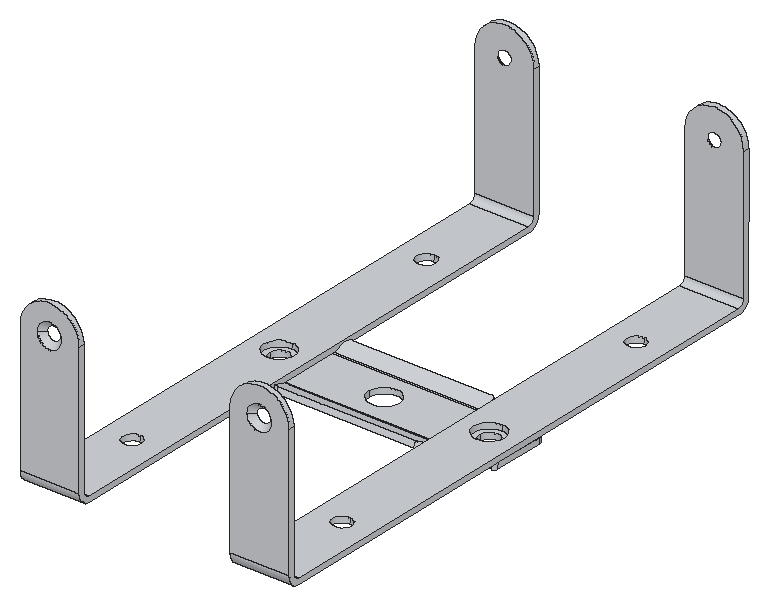
Revit family "1 SOUND_C-Clamps & Bridge Kit_WSUB45", category Communication Devices, host Face, Revit 2020
Family settings
  Host = Face
  Maintain Annotation Orientation = No
  Round Connector Dimension = Use Diameter
  Part Type = Normal
  Cut with Voids When Loaded = No
  Shared = No
  Room Calculation Point = No
Parameters (values of type "WSUB45 C-Clamps & Bridge Kit")
  Weight = ".13 kg"
  URL = "https://www.1-sound.com/wsub45-clamps-bridge-kit"
  Model = "WSUB45 C-Clamps & Bridge Kit"
  Material = "Zinc Plated"
  Manufacturer = "1 SOUND"  # constant formula
  Finish = "Powder Coated or Brushed Stainless Steel"
  Dimensions (HxWxD) = "144.75mm x 52.66mm x 6.24mm"
  Default Elevation = 2438.40 mm  # constant formula
  Construction = "Galvanized Steel or Stainless Steel 316"  # constant formula
  Category = "Accessory"  # constant formula
  Accessory Finish [instance] = none
Reference planes
  plane 1 "Center (Front/Back)": y = 0
  plane 2: z = 0
  plane 3 "Center (Left/Right)": x = 0
  plane 4: z = 93.38
  plane 5: z = 70.38
  plane 6: x = -72.38
  plane 7: x = -56.5
  plane 8: x = 24.12
  plane 9: x = 72.38
  plane 10: x = -40
  plane 11: x = 40
  plane 12: y = 15.875
  plane 13: y = -15.875
  plane 14: y = 26.369
  plane 15: y = -26.369
Forms (mm)
  Extrusion 1, void
    sketch origin (0, 0, 0) x (1, 0, 0) y (0, 1, 0)
      loop
        circle (-56.495, 0) r 5.16
      loop
        circle (56.495, 0) r 5.16
      loop
        circle (0, 0) r 8.335
    from 0 to 3
  Extrusion 2, solid, material <- "Accessory Finish"
    sketch origin (0, 0, 0) x (0, 1, 0) y (0, 0, 1)
      loop
        line (-15.875, 0) -> (-15.875, 3)
        arc (-15.875, 3) -> (-16.396, 3.046) -> (-16.901, 3.181) r 3
        line (-16.901, 3.181) -> (-17.927, 0.362)
        arc (-17.927, 0.362) -> (-16.917, 0.091) -> (-15.875, 0) r 6
      loop
        arc (15.875, 0) -> (16.917, 0.091) -> (17.927, 0.362) r 6
        line (17.927, 0.362) -> (16.901, 3.181)
        arc (16.901, 3.181) -> (16.396, 3.046) -> (15.875, 3) r 3
        line (15.875, 3) -> (15.875, 0)
    from -40 to 40
  Extrusion 3, solid, material <- "Accessory Finish"
    sketch origin (0, 0, 0) x (1, 0, 0) y (0, 1, 0)
      loop
        arc (72.38, 13.875) -> (71.794, 15.289) -> (70.38, 15.875) r 2
        line (70.38, 15.875) -> (-70.38, 15.875)
        arc (-70.38, 15.875) -> (-71.794, 15.289) -> (-72.38, 13.875) r 2
        line (-72.38, 13.875) -> (-72.38, -13.875)
        arc (-72.38, -13.875) -> (-71.794, -15.289) -> (-70.38, -15.875) r 2
        line (-70.38, -15.875) -> (70.38, -15.875)
        arc (70.38, -15.875) -> (71.794, -15.289) -> (72.38, -13.875) r 2
        line (72.38, -13.875) -> (72.38, 13.875)
    from 0 to 3
  Extrusion 4, solid, material <- "Accessory Finish"
    sketch origin (0, -2.045, -5.419) x (1, 0, 0) y (0, 0.939693, -0.34202)
      loop
        line (-40, -16.901) -> (-40, -22.885)
        arc (-40, -22.885) -> (-39.121, -25.006) -> (-37, -25.885) r 3
        line (-37, -25.885) -> (37, -25.885)
        arc (37, -25.885) -> (39.121, -25.006) -> (40, -22.885) r 3
        line (40, -22.885) -> (40, -16.901) -> (-40, -16.901)
    from 0 to 3
  Extrusion 5, solid, material <- "Accessory Finish"
    sketch origin (0, 2.045, -5.419) x (1, 0, 0) y (0, 0.939693, 0.34202)
      loop
        line (-40, 16.901) -> (40, 16.901) -> (40, 22.885)
        arc (40, 22.885) -> (39.121, 25.006) -> (37, 25.885) r 3
        line (37, 25.885) -> (-37, 25.885)
        arc (-37, 25.885) -> (-39.121, 25.006) -> (-40, 22.885) r 3
        line (-40, 22.885) -> (-40, 16.901)
    from 0 to 3
Cuts and joins
  Extrusion 1 cuts Extrusion 3
  joined: Extrusion 2, Extrusion 3, Extrusion 4, Extrusion 5
Lines and regions (mm)
  symbolic lines
    curve 1: line (-169.5, 0, 0) -> (-169.5, 0, 6.24)
Dimensions and locks
  plane 6 to plane 9 = 144.76 mm
  plane 10 to plane 8 = 64.12 mm
  plane 12 to plane 13 = 31.75 mm
  plane 14 to plane 12 = 10.494 mm
  aligned and locked: plane 2 to host face
  aligned and locked: level to host face
Nested families
  nested 1: "1 SOUND_WSUB45 C-Clamp" at (56.495, 0, 3) x (0, 1, 0) z (0, 0, 1), Accessory Finish <- "Accessory Finish", type "C-Clamp"
    with Accessory Finish none
  nested 2: "1 SOUND_WSUB45 C-Clamp" at (-56.495, 0, 3) x (0, 1, 0) z (0, 0, 1), Accessory Finish <- "Accessory Finish", type "C-Clamp"
    with Accessory Finish none
Definition of nested family "1 SOUND_WSUB45 C-Clamp"
  Parameters (values of type "WSUB45 C-Clamp")
    Width - Overall = 309.00 mm
    Width - Mounting Holes = 99.00 mm
    Weight = ".32 kg"
    URL = "https://www.1-sound.com/wsub45-clamps-bridge-kit"
    Model = "C-Clamp; WSUB45"
    Material = "Zinc Plated"
    Manufacturer = "1 SOUND"  # constant formula
    Finish = "Powder Coated or Brushed Stainless Steel"
    Dimensions (HxWxD) = "25.40mm x 160.00mm x 145.00mm"
    Depth - Overall = 93.38 mm
    Default Elevation = 2438.40 mm  # constant formula
    Construction = "Galvanized Steel or Stainless Steel 316"  # constant formula
    Accessory Finish [instance] = none
  Reference planes
    plane 1 "Center (Front/Back)": y = 0
    plane 2: z = 0
    plane 3 "Center (Left/Right)": x = 0
    plane 4: x = -154.5
    plane 5: x = 154.5
    plane 6: z = 93.38
    plane 7: z = 70.38
    plane 8: x = -99
    plane 9: x = 99
  Forms (mm)
    Extrusion 1, solid
      sketch origin (0, 0, 0) x (1, 0, 0) y (0, 1, 0)
        loop
          line (-1219.2, 1219.2) -> (-1219.2, -1219.2) -> (1219.2, -1219.2) -> (1219.2, 1219.2) -> (-1219.2, 1219.2)
      from 0 to -304.8
    Extrusion 2, solid, material <- "Accessory Finish"
      sketch origin (0, 0, 0) x (1, 0, 0) y (0, 0, 1)
        loop
          line (-154.5, 70.38) -> (-154.5, 7)
          arc (-154.5, 7) -> (-152.45, 2.05) -> (-147.5, 0) r 7
          line (-147.5, 0) -> (148, 0)
          arc (148, 0) -> (152.596, 1.904) -> (154.5, 6.5) r 6.5
          line (154.5, 6.5) -> (154.5, 70.38) -> (151.5, 70.38) -> (151.5, 6.5)
          arc (151.5, 6.5) -> (150.475, 4.025) -> (148, 3) r 3.5
          line (148, 3) -> (-147.5, 3)
          arc (-147.5, 3) -> (-150.328, 4.172) -> (-151.5, 7) r 4
          line (-151.5, 7) -> (-151.5, 70.38) -> (-154.5, 70.38)
      from -15.875 to 15.875
    Extrusion 3, solid, material <- "Accessory Finish"
      sketch origin (0, 0, 0) x (0, 1, 0) y (0, 0, 1)
        loop
          line (-15.875, 77.5) -> (-15.875, 70.38) -> (15.875, 70.38) -> (15.875, 77.5)
          arc (15.875, 77.5) -> (0, 93.375) -> (-15.875, 77.5) r 15.875
      from -154.5 to -151.5
    Extrusion 4, solid, material <- "Accessory Finish"
      sketch origin (0, 0, 0) x (0, 1, 0) y (0, 0, -1)
        loop
          arc (-15.875, -77.5) -> (0, -93.375) -> (15.875, -77.5) r 15.875
          line (15.875, -77.5) -> (15.875, -70.38) -> (-15.875, -70.38) -> (-15.875, -77.5)
        loop
          circle (0, -77.467) r 3.753
      from -154.5 to -151.5
    Extrusion 5, void
      sketch origin (0, 0, 0) x (1, 0, 0) y (0, 1, 0)
        loop
          circle (-99, 0) r 5.159
      from 0 to 3
    Extrusion 6, void
      sketch origin (0, 0, 0) x (1, 0, 0) y (0, 1, 0)
        loop
          circle (99, 0) r 5.159
      from 0 to 3
    Blend 7, void
      base sketch origin (0, 0, 0) x (0, 1, 0) y (0, 0, 1)
        loop
          circle (0, 77.524) r 6.696
      top sketch origin (0, 0, 0) x (0, 1, 0) y (0, 0, 1)
        loop
          circle (0, 77.467) r 3.753
      from 154.5 to 151.5
    Blend 8, void
      base sketch origin (0, 0, 0) x (0, 1, 0) y (0, 0, -1)
        loop
          circle (0, -77.524) r 6.696
      top sketch origin (0, 0, 0) x (0, 1, 0) y (0, 0, -1)
        loop
          circle (0, -77.467) r 3.753
      from 154.5 to 151.5
    Extrusion 9, void
      sketch origin (0, 0, 0) x (1, 0, 0) y (0, 1, 0)
        loop
          circle (0, 0) r 8.334
      from 0 to 3
  Cuts and joins
    Extrusion 5, Extrusion 6, Blend 7, Blend 8, Extrusion 9 cuts Extrusion 2
    Extrusion 5, Extrusion 6, Blend 7, Blend 8, Extrusion 9 cuts Extrusion 3
    Extrusion 5, Extrusion 6, Blend 7, Blend 8, Extrusion 9 cuts Extrusion 4
    joined: Extrusion 2, Extrusion 3, Extrusion 4
  Dimensions and locks
    equal spacing: plane 8, plane 3 "Center (Left/Right)", plane 9
    "Width - Mounting Holes": plane 8 to plane 3 "Center (Left/Right)"
    "Width - Mounting Holes": plane 3 "Center (Left/Right)" to plane 9
    aligned and locked: plane 2 to Extrusion 1
    aligned and locked: level to Extrusion 1
    aligned and locked: Extrusion 2 sketch curve to plane 7
    aligned and locked: plane 7 to Extrusion 2 sketch curve
    aligned and locked: Extrusion 3 sketch curve to plane 7
    aligned and locked: plane 7 to Extrusion 4 sketch curve
    aligned and locked: plane 4 to Extrusion 3
    aligned and locked: Extrusion 4 to plane 5
    aligned and locked: Extrusion 2 to Extrusion 3
  Automatic sketch dimensions
    Extrusion 1 sketch curve to Extrusion 1 sketch curve = 2438.40 mm  (x2)
    Extrusion 2 sketch curve to Extrusion 2 sketch curve = 0.00 mm  (x4)
    plane 4 to Extrusion 2 sketch curve = 0.00 mm
    Extrusion 2 sketch curve to level = 0.00 mm
    plane 5 to Extrusion 2 sketch curve = 0.00 mm
    Extrusion 2 sketch curve to plane 4 = 3.00 mm
    Extrusion 2 sketch curve to Extrusion 2 sketch curve = 4.00 mm
    plane 5 to Extrusion 2 sketch curve = 6.50 mm
    Extrusion 3 sketch curve to plane 1 "Center (Front/Back)" = 0.00 mm
    plane 7 to Extrusion 3 sketch curve = 7.12 mm
    plane 1 "Center (Front/Back)" to Extrusion 3 sketch curve = 15.875 mm
    Extrusion 4 sketch curve to plane 1 "Center (Front/Back)" = 0.00 mm  (x2)
    plane 1 "Center (Front/Back)" to Extrusion 4 sketch curve = 15.875 mm
    plane 7 to Extrusion 4 sketch curve = 7.087 mm
    plane 7 to Extrusion 4 sketch curve = 7.12 mm
    plane 1 "Center (Front/Back)" to Extrusion 5 sketch curve = 0.00 mm
    Extrusion 5 sketch curve to plane 8 = 0.00 mm
    plane 1 "Center (Front/Back)" to Extrusion 6 sketch curve = 0.00 mm
    Extrusion 6 sketch curve to plane 9 = 0.00 mm
    Blend 7 sketch curve to Blend 7 sketch curve = 0.00 mm  (x4)
    Blend 7 sketch curve to plane 1 "Center (Front/Back)" = 0.00 mm  (x2)
    plane 7 to Blend 7 sketch curve = 7.144 mm
    plane 1 "Center (Front/Back)" to Blend 7 sketch curve = 6.696 mm
    plane 7 to Blend 7 sketch curve = 7.087 mm
    plane 1 "Center (Front/Back)" to Blend 7 sketch curve = 3.753 mm
    Blend 8 sketch curve to Blend 8 sketch curve = 0.00 mm  (x4)
    Blend 8 sketch curve to plane 1 "Center (Front/Back)" = 0.00 mm  (x2)
    plane 7 to Blend 8 sketch curve = 7.144 mm
    plane 1 "Center (Front/Back)" to Blend 8 sketch curve = 6.696 mm
    plane 7 to Blend 8 sketch curve = 7.087 mm
    plane 1 "Center (Front/Back)" to Blend 8 sketch curve = 3.753 mm
    radius of Extrusion 4 sketch curve = 3.753 mm
    radius of Extrusion 5 sketch curve = 5.159 mm
    radius of Extrusion 6 sketch curve = 5.159 mm
